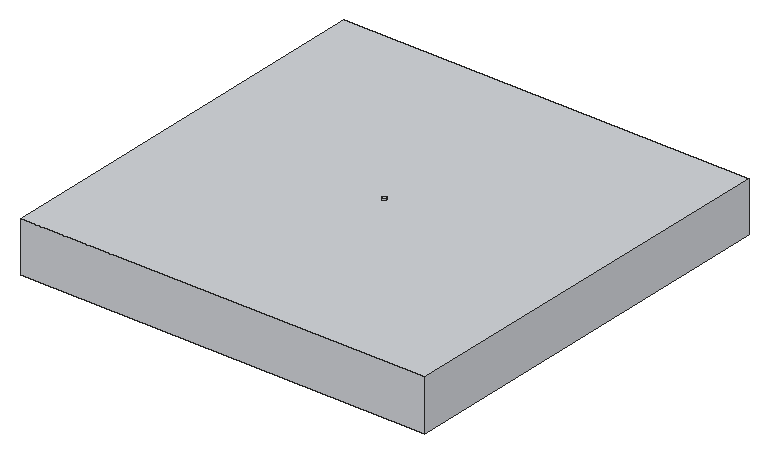
Revit family "M_Iluminação fixa - Conector de alimentação equilibrada", category Luminárias, Revit 2019
Family settings
  Hospedeiro = Face
  Cota do conector redondo = Utilizar diâmetro
  Tipo de parte = Normal
  Número OmniClass = 23.80.70.00
  Título OmniClass = Lighting
  ID de item do Seek = Lighting Fixtures - Balanced Power Connector-0000-CAN-ENU
  Corte com vazios quando carregada = Não
  Fonte luminosa = Sim
  Compartilhado = Não
  Ponto de cálculo do ambiente = Não
Parameters (values of type "277 V")
  Wattage = 9.2903 W
  built-in parameter 1150110 = 1 (stored number, unit not read)
  built-in parameter 1114217 = 1 (stored number, unit not read)
  Espessura = 3.2 mm
  built-in parameter 1150109 = 1 (stored number, unit not read)
  built-in parameter 1150134 = (empty or 0)
  built-in parameter 1150113 = 1 (stored number, unit not read)
  Raio = Diâmetro / 2  # 12.7 mm
  Lumens = 1380 lm
  built-in parameter 1150115 = 1 (stored number, unit not read)
  built-in parameter 1150105 = 109.82 (stored number, unit not read)
  Classificação de carga = Iluminação
  Light Source Symbol Size = 609.6 mm
  built-in parameter 1150137 = (empty or 0)
  built-in parameter 1150139 = (empty or 0)
  built-in parameter 1150112 = 1 (stored number, unit not read)
  built-in parameter 1150114 = 1 (stored number, unit not read)
  built-in parameter 1150132 = 2
  built-in parameter 1150102 = (empty or 0)
  built-in parameter 1150138 = (empty or 0)
  built-in parameter 1150107 = 3000 (stored number, unit not read)
  built-in parameter 1150106 = 1.0982 (stored number, unit not read)
  built-in parameter 1150104 = 13.8 (stored number, unit not read)
  Dimming Lamp Color Temperature Shift = (empty or 0)
  Diâmetro = 25.4 mm
  Elevação-padrão = 1200 mm
  Voltagem do conector = 277 V
  Número de pólos do conector = 1
  Color Filter = 16777215
  built-in parameter 1114218 = 1 (stored number, unit not read)
  built-in parameter 1150133 = 10 (stored number, unit not read)
  Assembly Code = ""
Types (5, lengths in mm): name | Espessura | Voltagem do conector | Número de pólos do conector
  120 V | 3.175 | 120 V | 1
  277 V | 3.2 | 277 V | 1
  240 V | 3.175 | 240 V | 2
  208 V | 3.175 | 208 V | 3
  480 V | 3.175 | 480 V | 3
Reference planes
  plane 1 "Centro (Frente/Trás)": y = 0
  plane 2: z = 0
  plane 3 "Centro (Esquerda/Direita)": x = 0
  plane 4: z = 3.2
Forms (mm)
  Extrusion 1, solid
    sketch origin (0, 0, 0) x (1, 0, 0) y (0, 1, 0)
      loop
        line (-1219.2, 1219.2) -> (-1219.2, -1219.2) -> (1219.2, -1219.2) -> (1219.2, 1219.2) -> (-1219.2, 1219.2)
    from 0 to -304.8
  Extrusion 2, solid
    sketch origin (0, 0, 0) x (1, 0, 0) y (0, 1, 0)
      loop
        circle (0, 0) r 12.7
    from 3.2 to 0
Dimensions and locks
  "Espessura": plane 4 to plane 2
  "Raio": radius of Extrusion 2 sketch curve
  aligned and locked: plane 2 to Extrusion 1
  aligned and locked: level to Extrusion 1
  aligned and locked: plane 1 "Centro (Frente/Trás)" to Extrusion 2 sketch curve
  aligned and locked: plane 3 "Centro (Esquerda/Direita)" to Extrusion 2 sketch curve
  aligned and locked: Extrusion 2 to plane 2
  aligned and locked: plane 4 to Extrusion 2
  aligned and locked: plane 3 "Centro (Esquerda/Direita)" to imposter light
  aligned and locked: plane 1 "Centro (Frente/Trás)" to imposter light
  aligned and locked: plane 2 to imposter light
Automatic sketch dimensions
  Extrusion 1 sketch curve to Extrusion 1 sketch curve = 2438.4 mm  (x2)
Connectors
  electrical at (0, 0, 3.2), driven by "Voltagem do conector", driven by "Número de pólos do conector", driven by "Classificação de carga"
    settings: on Extrusion 2, index 1, voltage 277 V, apparent load 0 VA, apparent load phase1 0 VA, apparent load phase2 0 VA, apparent load phase3 0 VA, power factor 1, load classification "Iluminação", number of poles 1, system type 30, power factor state 1, is connector primary yes, connector utility no, sub classification motor no, connector description ""
